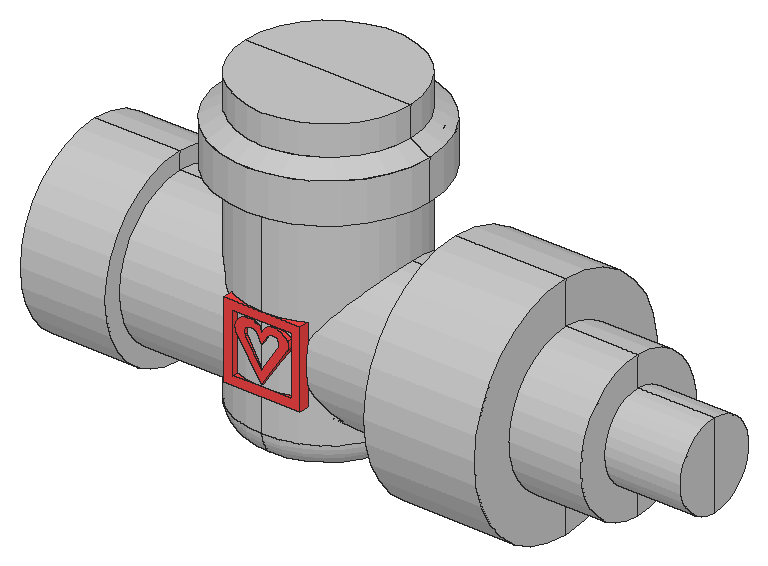
Revit family "RL-5 Return Valve Straight Model 3923", category Rohrzubehör, Revit 2020
Family settings
  Bemaßung runder Anschluss = Durchmesser verwenden
  Teiletyp = Unterbricht
  OmniClass-Nummer = 23.65.55.14
  OmniClass-Titel = Valves for Liquid Services
  Arbeitsebenenbasiert = Nein
  Immer vertikal = Nein
  Beim Laden mit Abzugskörper schneiden = Nein
  Gemeinsam genutzt = Nein
Parameters
  W02 [instance] = 70.00°  # constant formula
  W01 = 120.00°  # constant formula
  Vorgabe-Ansicht = 0.000 mm
  URL = "www.herzvalves.com"
  SCRNSEQ = "ARM;ARM_TYP=\"ALLF\";2"
  SCRNCODE = "05;01;02"  # constant formula
  S04 = 45.000 mm  # constant formula
  S03 = 61.000 mm  # constant formula
  S02 [instance] = L05 + L06 + L07  # 45.500 mm
  S01 = 10.000 mm  # constant formula
  R05 = 9.750 mm  # constant formula
  R04 = 12.000 mm  # constant formula
  R02 = 9.750 mm  # constant formula
  R01 = 11.000 mm  # constant formula
  Part number [instance] = size_lookup("3923_5_", "Artnr", 0, Nennweite)  # 1392300
  Nennweite [instance] = 10.000 mm
  Model = "All models are nickel-plated and are universal models with special socket threaded pipe and compression union."
  Medium = "Hot water quality according to Austrian standard ÖNORM H 5195 and/or VDI guideline 2035."
  Max. operating temperature = 110 °C  # constant formula
  Max. operating pressure = 1000000.0 Pa  # constant formula
  L07 [instance] = size_lookup("3923_5_", "L7", 1.000 mm, Nennweite)  # 17.500 mm
  L06 [instance] = size_lookup("3923_5_", "L6", 1.000 mm, Nennweite)  # 13.000 mm
  L05 [instance] = L02 - L04  # 15.000 mm
  L04 [instance] = size_lookup("3923_5_", "L4", 1.000 mm, Nennweite)  # 7.500 mm
  L03 [instance] = size_lookup("3923_5_", "L3", 1.000 mm, Nennweite)  # 10.000 mm
  L02 [instance] = size_lookup("3923_5_", "L2", 1.000 mm, Nennweite)  # 22.500 mm
  L01 [instance] = size_lookup("3923_5_", "L1", 1.000 mm, Nennweite)  # 27.500 mm
  Hersteller = "HERZ Armaturen Ges.m.b.H"  # constant formula
  H06 = 3.500 mm  # constant formula
  H05 = 9.500 mm  # constant formula
  H04 [instance] = H02 - H03  # 16.000 mm
  H03 = 5.000 mm  # constant formula
  H02 [instance] = 21.000 mm  # constant formula
  H01 [instance] = size_lookup("3923_5_", "H1", 1.000 mm, Nennweite)  # 14.000 mm
  GTI [instance] = size_lookup("3923_5_", "GT1", 1.000 mm, Nennweite)  # 9.000 mm
  GT [instance] = size_lookup("3923_5_", "GT", 1.000 mm, Nennweite)  # 9.500 mm
  G2 [instance] = Nennweite / 2  # 5.000 mm
  G1 [instance] = Nennweite / 2  # 5.000 mm
  D05 [instance] = size_lookup("3923_5_", "D5", 1.000 mm, Nennweite)  # 8.500 mm
  D04 [instance] = size_lookup("3923_5_", "D4", 1.000 mm, Nennweite)  # 13.500 mm
  D03 [instance] = size_lookup("3923_5_", "D3", 1.000 mm, Nennweite)  # 7.940 mm
  D02 [instance] = size_lookup("3923_5_", "D2", 1.000 mm, Nennweite)  # 9.000 mm
  D01 [instance] = size_lookup("3923_5_", "D1", 1.000 mm, Nennweite)  # 11.000 mm
  Body = "nickel-plated"  # constant formula
  Application = "Hot Water Heating Systems\r\nAfter installation of the return valve it is possible to close the radiator return connection.\r\nWhen the intake valve is closed simultaneously (“0“-position for thermostat valves) it is possible to remove the radiator while the heating system remains under pressure.\r\nServicing and working behind the radiator (repapering, laying tiles) is possible without having to switch off the rest of the system.\r\nThe HERZ-RL-5 valve adjusts to allow the exact water quantity to flow through the radiator according to the heat requirements.\r\nThis is recommended particularly in systems equipped with thermostatic valves because lowering the temperature during nighttime becomes fully effective in terms of reducing power input when the water flowquantity is limited and the hydraulic equilibrium of the system is retained.\r\nThe HERZ-RL-5 valve permits filling or draining the radiator or the entire heating system."
Reference planes
  plane 1 "Mitte (Vorne/hinten)": y = 0
  plane 2: z = 0
  plane 3 "Mitte (Links/rechts)": x = 0
Forms (mm)
  Revolve 1, solid, material "Messing, vernickelt", detail levels fine
    sketch origin (0, 0, 0) x (1, 0, 0) y (0, 0, 1)
      loop
        line (-18, 0) -> (22.5, 0) -> (22.5, 7.94) -> (15, 7.94) -> (15, 9) -> (-17.5, 9) -> (-17.5, 11) -> (-27.5, 11) -> (-27.5, 5) -> (-18, 5) -> (-18, 0)
      axis (-27.5, 0) -> (22.5, 0)
    angle from 0 to 360
  Revolve 2, solid, material "Messing, vernickelt", detail levels fine
    sketch origin (0, 0, 0) x (0, 1, 0) y (0, 0, 1)
      loop
        line (0, 21) -> (-11, 21) -> (-11, 16) -> (-9.75, 16) -> (-9.75, -8.456)
        arc (-9.75, -8.456) -> (-9.408, -9.847) -> (-8.46, -10.921) r 3
        line (-8.46, -10.921) -> (0, -14) -> (0, 21)
      axis (0, -14) -> (0, 21)
    angle from 0 to 360
  Revolve 3, solid, material "Messing, vernickelt", detail levels fine
    sketch origin (0, 0, 0) x (1, 0, 0) y (0, 0, 1)
      loop
        line (22.5, 0) -> (45.5, 0) -> (45.5, 5) -> (36.5, 5) -> (36.5, 8.5) -> (28, 8.5) -> (28, 13.5) -> (15, 13.5) -> (15, 7.94) -> (22.5, 7.94) -> (22.5, 0)
      axis (15, 0) -> (45.5, 0)
    angle from 0 to 360
  Revolve 4, solid, material "Messing, vernickelt", detail levels fine
    sketch origin (0, 0, 9) x (1, 0, 0) y (0, 0, 1)
      loop
        line (0, 7) -> (12, 7) -> (12, 11.701) -> (9.75, 13) -> (9.75, 16.5) -> (0, 16.5) -> (0, 7)
      axis (0, 16.5) -> (0, 7)
    angle from 0 to 360
Lines and regions (mm)
  model lines, detail levels coarse+medium
    curve 1: line (-27.5, 0, 11) -> (-27.5, 0, -11)
    curve 2: line (-27.5, 0, -11) -> (27.5, 0, 11)
    curve 3: line (27.5, 0, 11) -> (27.5, 0, -11)
    curve 4: line (27.5, 0, -11) -> (-27.5, 0, 11)
    curve 5: line (27.5, 0, 11) -> (37.5, 0, 11)
    curve 6: line (37.5, 0, 11) -> (27.5, 0, 0)
    curve 7: line (27.5, 0, -11) -> (37.5, 0, -11)
    curve 8: line (37.5, 0, -11) -> (27.5, 0, 0)
    curve 9: line (27.5, 0, 0) -> (45.5, 0, 0)
    curve 10: line (-27.5, 11, 0) -> (-27.5, -11, 0)
    curve 11: line (-27.5, -11, 0) -> (27.5, 11, 0)
    curve 12: line (27.5, 11, 0) -> (27.5, -11, 0)
    curve 13: line (27.5, -11, 0) -> (-27.5, 11, 0)
    curve 14: line (27.5, 11, 0) -> (37.5, 11, 0)
    curve 15: line (37.5, 11, 0) -> (27.5, 0, 0)
    curve 16: line (27.5, -11, 0) -> (37.5, -11, 0)
    curve 17: line (37.5, -11, 0) -> (27.5, 0, 0)
Dimensions and locks
  "L01": Revolve 1 sketch curve to plane 3 "Mitte (Links/rechts)"
  "L02": Revolve 1 sketch curve to plane 3 "Mitte (Links/rechts)"
  "G1": Revolve 1 sketch curve to plane 2
  "GT": Revolve 1 sketch curve to Revolve 1 sketch curve
  "D01": Revolve 1 sketch curve to Revolve 1 sketch curve
  "D02": Revolve 1 sketch curve to Revolve 1 sketch curve
  "D03": Revolve 1 sketch curve to Revolve 1 sketch curve
  "L03": Revolve 1 sketch curve to Revolve 1 sketch curve
  "L04": Revolve 1 sketch curve to Revolve 1 sketch curve
  "H02": Revolve 2 sketch curve to plane 2
  "R01": Revolve 2 sketch curve to plane 1 "Mitte (Vorne/hinten)"
  "D03": Revolve 3 sketch curve to plane 2
  "L04": Revolve 3 sketch curve to Revolve 3 sketch curve
  "L05": Revolve 3 sketch curve to plane 3 "Mitte (Links/rechts)"
  "L06": Revolve 3 sketch curve to Revolve 3 sketch curve
  "L07": Revolve 3 sketch curve to Revolve 3 sketch curve
  "D04": Revolve 3 sketch curve to Revolve 3 sketch curve
  "G2": Revolve 3 sketch curve to Revolve 3 sketch curve
  "D05": Revolve 3 sketch curve to Revolve 3 sketch curve
  "GTI": Revolve 3 sketch curve to Revolve 3 sketch curve
  "D01": curve 4 to plane 2 to curve 2
  "D01": curve 3 to plane 2 to curve 4
  "L01": curve 1 to plane 3 "Mitte (Links/rechts)" to curve 3
  "S01": curve 3 to curve 6
  "S02": curve 9 to plane 3 "Mitte (Links/rechts)"
  "L01": curve 10 to plane 3 "Mitte (Links/rechts)" to curve 12
  "D01": curve 11 to plane 1 "Mitte (Vorne/hinten)" to curve 13
  "D01": curve 13 to plane 1 "Mitte (Vorne/hinten)" to curve 12
  "S01": curve 12 to curve 15
  "S01": curve 12 to curve 17
  "H03": Revolve 2 sketch curve to Revolve 2 sketch curve
  "R02": Revolve 2 sketch curve to Revolve 2 sketch curve
  "H05": Revolve 4 sketch curve to Revolve 4 sketch curve
  "R05": Revolve 4 sketch curve to Revolve 4 sketch curve
  "R04": Revolve 4 sketch curve to Revolve 4 sketch curve
  "H06": Revolve 4 sketch curve to Revolve 4 sketch curve
  "H04": Revolve 4 sketch curve to plane 2
  "D02": nested 1 to plane 1 "Mitte (Vorne/hinten)"
  "H01": plane 2 to Revolve 2 sketch curve
  "W01": angle Revolve 4 sketch curve to Revolve 4 sketch curve
  "W02": angle Revolve 2 sketch curve to Revolve 2 sketch curve
  aligned and locked: level to plane 2
Automatic sketch dimensions
  curve 9 to level = 0.000 mm
  curve 3 to curve 8 = 10.000 mm
  plane 1 "Mitte (Vorne/hinten)" to curve 17 = 0.000 mm
  Revolve 1 sketch curve to level = 0.000 mm  (x2)
  Revolve 1 sketch curve to Revolve 1 sketch curve = 1436.530 mm
  Revolve 1 sketch curve to Revolve 1 sketch curve = 1779.148 mm
  Revolve 2 sketch curve to plane 1 "Mitte (Vorne/hinten)" = 0.000 mm  (x2)
  Revolve 2 sketch curve to Revolve 2 sketch curve = 1.290 mm
  Revolve 2 sketch curve to Revolve 2 sketch curve = 1.710 mm
  Revolve 2 sketch curve to Revolve 2 sketch curve = 98.333 mm
  Revolve 2 sketch curve to Revolve 2 sketch curve = 1236.335 mm
  Revolve 3 sketch curve to level = 0.000 mm  (x2)
  Revolve 3 sketch curve to plane 3 "Mitte (Links/rechts)" = 1506.530 mm
  Revolve 3 sketch curve to Revolve 3 sketch curve = 1789.648 mm
  Revolve 4 sketch curve to plane 3 "Mitte (Links/rechts)" = 0.000 mm  (x2)
  Revolve 4 sketch curve to level = 357.045 mm
  Revolve 4 sketch curve to Revolve 4 sketch curve = 2188.615 mm
Nested families
  nested 1: "Herz-Logo-vorne" at (0, -9, 0) x (0, 1, 0) z (0, 0, 1), type "Herz-Logo-vorne", detail levels fine
Connectors
  piping at (-18, 0, 0), diameter 10, driven by "Nennweite"
    settings: on Revolve 1, index 1, connector inside diameter 609.6 mm, connector length 0.000 mm, flow factor 0, pipe flow 0.0 L/s, pressure drop 0.0 Pa, fitting loss kfactor 0, connector angle 0.00°, fixture units 0, engagement length 0.000 mm, angle of deflection 0.00°, flow configuration 0, flow direction 1, fitting loss method 0, system type 8, joint type 0, gender type 0, connector reference index -1, connector utility 0, adjustable connector no, is connector primary yes, connector description ""
  piping at (45.5, 0, 0), diameter 10, driven by "Nennweite"
    settings: on Revolve 3, index 2, connector inside diameter 609.6 mm, connector length 0.000 mm, flow factor 0, pipe flow 0.0 L/s, pressure drop 0.0 Pa, fitting loss kfactor 0, connector angle 0.00°, fixture units 0, engagement length 0.000 mm, angle of deflection 0.00°, flow configuration 0, flow direction 2, fitting loss method 0, system type 8, joint type 0, gender type 0, connector reference index -1, connector utility 0, adjustable connector no, is connector primary no, connector description ""
Definition of nested family "Herz-Logo-vorne"
  Parameters (values of type "Herz-Logo-vorne")
    Default Elevation = 0.000 mm
  Reference planes
    plane 1 "Mitte (Vorne/hinten)": y = 0
    plane 2: z = 0
    plane 3 "Mitte (Links/rechts)": x = 0
  Forms (mm)
    Extrusion 1, solid
      sketch origin (0.732, -0.018, 0.017) x (0, -1, 0) y (0, 0, 1)
        loop
          line (-0.018, -4.517) -> (4.482, -4.517) -> (4.482, 4.483) -> (-4.518, 4.483) -> (-4.518, -4.517) -> (-0.018, -4.517)
        loop
          line (-0.05, -3.48) -> (3.482, -3.48) -> (3.482, 3.483) -> (-3.518, 3.483) -> (-3.518, -3.48) -> (-0.05, -3.48)
        loop
          arc (-0.018, 2.383) -> (-1.543, 3.287) -> (-3.067, 2.383) r 1.738
          arc (-3.067, 2.383) -> (-3.191, 1.899) -> (-3.067, 1.415) r 1.009
          line (-3.067, 1.415) -> (-0.018, -3.281) -> (3.032, 1.415)
          arc (3.032, 1.415) -> (3.156, 1.899) -> (3.032, 2.383) r 1.009
          arc (3.032, 2.383) -> (1.507, 3.287) -> (-0.018, 2.383) r 1.738
        loop
          arc (1.885, 1.272) -> (2.005, 1.675) -> (1.885, 2.079) r 0.74
          arc (1.885, 2.079) -> (1.265, 2.416) -> (0.644, 2.079) r 0.74
          line (0.644, 2.079) -> (-0.018, 0.97) -> (-0.679, 2.079)
          arc (-0.679, 2.079) -> (-1.3, 2.416) -> (-1.921, 2.079) r 0.74
          arc (-1.921, 2.079) -> (-2.04, 1.675) -> (-1.921, 1.272) r 0.74
          line (-1.921, 1.272) -> (-0.018, -1.658) -> (1.885, 1.272)
      from 0 to 1.5
  Dimensions and locks
    aligned and locked: level to plane 2
